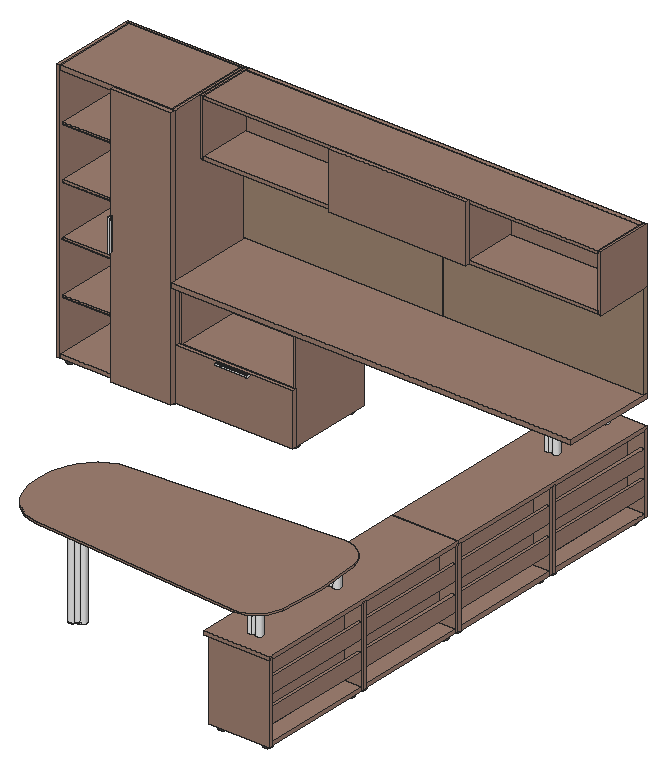
Revit family "T100087", category Furniture, Revit 2022 (continued)
Definition of nested family "APTOS LOW HEIGHT MODULAR PEDESTAL OPEN 18IN Depth"
  Forms (in)
    Extrusion 1, solid, material <- "Board Material"
      sketch origin (0, 0, 0) x (1, 0, 0) y (0, 1, 0)
        loop
          line (-18, 0) -> (-18, -15.5) -> (-17.25, -15.5) -> (-17.25, 0) -> (-18, 0)
      from 1.5 to 21.5
    Extrusion 2, solid, material <- "Board Material"
      sketch origin (0, 0, 0) x (-1, 0, 0) y (0, -1, 0)
        loop
          line (-18, 0) -> (-17.25, 0) -> (-17.25, 15.5) -> (-18, 15.5) -> (-18, 0)
      from 1.5 to 21.5
    Extrusion 3, solid, material <- "Board Material"
      sketch origin (0, 0, 0) x (1, 0, 0) y (0, 1, 0)
        loop
          line (-17.25, 0) -> (-17.25, -15.5) -> (17.25, -15.5) -> (17.25, 0) -> (-17.25, 0)
      from 1.5 to 2.5
    Revolve 4, solid, material <- "Leg Caps Material"
      sketch origin (0, -2, 0) x (-1, 0, 0) y (0, 0, 1)
        loop
          line (15, 0.28743) -> (15.5, 0.28743)
          arc (15.5, 0.28743) -> (15.35629, 0.14371) -> (15.5, 0) r 0.14371
          line (15.5, 0) -> (16, 0) -> (16, 1.5) -> (15, 1.5) -> (15, 0.28743)
        axis (16, 1.5) -> (16, 0)
      angle from 0 to 360
    Revolve 5, solid, material <- "Leg Caps Material"
      sketch origin (0, -2, 0) x (1, 0, 0) y (0, 0, -1)
        loop
          line (15, -0.28743) -> (15, -1.5) -> (16, -1.5) -> (16, 0) -> (15.5, 0)
          arc (15.5, 0) -> (15.35629, -0.14371) -> (15.5, -0.28743) r 0.14371
          line (15.5, -0.28743) -> (15, -0.28743)
        axis (16, -1.5) -> (16, 0)
      angle from 0 to 360
    Revolve 6, solid, material <- "Leg Caps Material"
      sketch origin (0, -13.5, 0) x (-1, 0, 0) y (0, 0, -1)
        loop
          line (15, -0.28743) -> (15, -1.5) -> (16, -1.5) -> (16, 0) -> (15.5, 0)
          arc (15.5, 0) -> (15.35629, -0.14371) -> (15.5, -0.28743) r 0.14371
          line (15.5, -0.28743) -> (15, -0.28743)
        axis (16, -1.5) -> (16, 0)
      angle from 0 to 360
    Revolve 7, solid, material <- "Leg Caps Material"
      sketch origin (0, -13.5, 0) x (1, 0, 0) y (0, 0, 1)
        loop
          line (15, 0.28743) -> (15.5, 0.28743)
          arc (15.5, 0.28743) -> (15.35629, 0.14371) -> (15.5, 0) r 0.14371
          line (15.5, 0) -> (16, 0) -> (16, 1.5) -> (15, 1.5) -> (15, 0.28743)
        axis (16, 1.5) -> (16, 0)
      angle from 0 to 360
    Extrusion 8, solid, material <- "Board Material"
      sketch origin (0, 27.875, 0) x (1, 0, 0) y (0, 1, 0)
        loop
          line (-17.25, -32.3125) -> (-17.25, -33.0625) -> (17.25, -33.0625) -> (17.25, -32.3125) -> (-17.25, -32.3125)
      from 2.5 to 20.7495
    Extrusion 9, solid, material <- "Board Material"
      sketch origin (0, 0, 0) x (0, 1, 0) y (0, 0, 1)
        loop
          line (-5.1875, 15.5) -> (-14.75, 15.5) -> (-14.75, 15.125) -> (-14.125, 14.625) -> (-5.1875, 14.625) -> (-5.1875, 15.5)
      from -17.25 to 17.25
    Extrusion 10, solid, material <- "Board Material"
      sketch origin (0, 0, 0) x (0, 1, 0) y (0, 0, 1)
        loop
          line (-9.07873, 21.5) -> (-13.13675, 21.5) -> (-13.13675, 20.7495) -> (-9.07873, 20.7495) -> (-9.07873, 21.5)
        loop
          line (-1.05541, 21.5) -> (-5.1875, 21.5) -> (-5.1875, 20.7495) -> (-1.05541, 20.7495) -> (-1.05541, 21.5)
        loop
          line (0, 17.312) -> (-0.75, 17.312) -> (-0.75, 13.437) -> (0, 13.437) -> (0, 17.312)
        loop
          line (0, 10.3745) -> (-0.75, 10.3745) -> (-0.75, 6.437) -> (0, 6.437) -> (0, 10.3745)
      from -17.25 to 17.25
  Dimensions and locks (in)
    equal spacing: plane 4 "Left End", plane 3 "Center Left/Right", plane 6 "Right End"
    "Width": plane 4 "Left End" to plane 6 "Right End"
    "Height": plane 8 "Height Top" to level
    "Board Thick Sides": plane 4 "Left End" to plane 9
    "Board Thick Sides": plane 10 to plane 6 "Right End"
    "Board Thick Shelfs": plane 12 to plane 11
    "Board Thick Top and Bot": plane 14 to plane 13
    "Bottom Board Offset": plane 13 to level
    "Board Thick Front": plane 15 to plane 5 "Front End"
    "Leg Offset": plane 18 to plane 5 "Front End"
    "Leg Offset": plane 19 to plane 5 "Front End"
    "Leg Offset": plane 16 to plane 7 "Back End"
    "Leg Offset": plane 17 to plane 7 "Back End"
    "Leg Offset": plane 4 "Left End" to plane 20
    "Leg Offset": plane 21 to plane 6 "Right End"
    "Leg Offset": plane 22 to plane 6 "Right End"
    "Leg Offset": plane 4 "Left End" to plane 23
    "Shelf Height": plane 12 to plane 14
    "Handle Lengh": plane 24 to plane 25
    "Board Thick Back": plane 26 to plane 1 "Center Front/Back"
    "Depth": plane 5 "Front End" to plane 1 "Center Front/Back"
    equal spacing: plane 24, plane 3 "Center Left/Right", plane 25
    "Board Thick Top": plane 8 "Height Top" to plane 27
    "Board Thick Back": plane 29 to plane 28
    aligned and locked: level to plane 2
    aligned and locked: plane 5 "Front End" to Extrusion 1 sketch curve
    aligned and locked: plane 4 "Left End" to Extrusion 1 sketch curve
    aligned and locked: Extrusion 1 sketch curve to plane 9
    aligned and locked: Extrusion 2 to plane 5 "Front End"
    aligned and locked: plane 10 to Extrusion 2
    aligned and locked: Extrusion 2 to plane 6 "Right End"
    aligned and locked: plane 13 to Extrusion 2
    aligned and locked: plane 10 to Extrusion 3 sketch curve
    aligned and locked: plane 9 to Extrusion 3 sketch curve
    aligned and locked: plane 17 to Revolve 4
    aligned and locked: Revolve 5 to plane 16
    aligned and locked: plane 19 to Revolve 7
    aligned and locked: Revolve 6 to plane 18
    aligned and locked: Extrusion 3 to plane 14
    aligned and locked: Extrusion 3 to plane 13
    aligned and locked: Extrusion 1 to plane 1 "Center Front/Back"
    aligned and locked: Extrusion 2 to plane 1 "Center Front/Back"
    aligned and locked: Extrusion 3 to plane 1 "Center Front/Back"
    aligned and locked: Extrusion 1 to plane 13
    aligned and locked: plane 8 "Height Top" to Extrusion 1
    aligned and locked: plane 8 "Height Top" to Extrusion 2
    aligned and locked: Extrusion 8 to plane 10
    aligned and locked: Extrusion 8 to plane 9
    aligned and locked: Extrusion 8 to Extrusion 3
    aligned and locked: Extrusion 9 to plane 9
    aligned and locked: Extrusion 9 to plane 10
    aligned and locked: Extrusion 8 to plane 28
    aligned and locked: plane 29 to Extrusion 8
    aligned and locked: Extrusion 8 to plane 27
    aligned and locked: plane 7 "Back End" to Extrusion 10 sketch curve  (x2)
    aligned and locked: plane 26 to Extrusion 10 sketch curve  (x2)
    aligned and locked: Extrusion 10 sketch curve to plane 8 "Height Top"  (x2)
    aligned and locked: Extrusion 10 sketch curve to plane 27  (x2)
    aligned and locked: plane 28 to Extrusion 10 sketch curve
    aligned and locked: Extrusion 10 to plane 9
    aligned and locked: Extrusion 10 to plane 10
    aligned and locked: Extrusion 9 sketch curve to plane 12
    aligned and locked: plane 11 to Extrusion 9 sketch curve
    aligned and locked: Extrusion 9 sketch curve to plane 28
    aligned and locked: Extrusion 9 sketch curve to plane 15
  Automatic sketch dimensions
    plane 1 "Center Front/Back" to Extrusion 1 sketch curve = 0"
    Extrusion 2 sketch curve to plane 5 "Front End" = 0"
    Extrusion 2 sketch curve to plane 6 "Right End" = 0"
    Extrusion 2 sketch curve to plane 10 = 0"
    plane 1 "Center Front/Back" to Extrusion 2 sketch curve = 0"
    Extrusion 3 sketch curve to plane 5 "Front End" = 0"
    plane 1 "Center Front/Back" to Extrusion 3 sketch curve = 0"
    Revolve 4 sketch curve to plane 13 = 0"
    Revolve 4 sketch curve to level = 0"
    plane 20 to Revolve 4 sketch curve = 0"  (x2)
    level to Revolve 4 sketch curve = 0.28743"
    Revolve 4 sketch curve to Revolve 4 sketch curve = 1/2"  (x3)
    Revolve 4 sketch curve to Revolve 4 sketch curve = 0"
    level to Revolve 4 sketch curve = 0.14371"
    Revolve 4 sketch curve to plane 14 = 1/4"
    Revolve 5 sketch curve to plane 13 = 0"
    Revolve 5 sketch curve to level = 0"
    Revolve 5 sketch curve to plane 21 = 0"  (x2)
    level to Revolve 5 sketch curve = 0.28743"
    Revolve 5 sketch curve to Revolve 5 sketch curve = 1/2"  (x2)
    Revolve 5 sketch curve to Revolve 5 sketch curve = 0"  (x2)
    Revolve 5 sketch curve to plane 14 = 1/4"
    Revolve 5 sketch curve to level = 1/2"
    Revolve 6 sketch curve to plane 13 = 0"
    Revolve 6 sketch curve to level = 0"
    plane 20 to Revolve 6 sketch curve = 0"  (x2)
    level to Revolve 6 sketch curve = 0.28743"
    Revolve 6 sketch curve to plane 20 = 1/2"
    Revolve 6 sketch curve to Revolve 6 sketch curve = 1/2"
    Revolve 6 sketch curve to Revolve 6 sketch curve = 0"  (x2)
    Revolve 6 sketch curve to plane 14 = 1/4"
    Revolve 6 sketch curve to level = 1/2"
    Revolve 7 sketch curve to plane 13 = 0"
    Revolve 7 sketch curve to level = 0"
    Revolve 7 sketch curve to plane 21 = 0"  (x2)
    level to Revolve 7 sketch curve = 0.28743"
    Revolve 7 sketch curve to plane 21 = 1/2"
    Revolve 7 sketch curve to Revolve 7 sketch curve = 1/2"  (x2)
    Revolve 7 sketch curve to Revolve 7 sketch curve = 0"
    level to Revolve 7 sketch curve = 0.14371"
    Revolve 7 sketch curve to plane 14 = 1/4"
    plane 4 "Left End" to Extrusion 8 sketch curve = 3/4"
    plane 6 "Right End" to Extrusion 8 sketch curve = 3/4"
    Extrusion 8 sketch curve to plane 26 = 4 7/16"
    plane 1 "Center Front/Back" to Extrusion 8 sketch curve = 4 7/16"
    Extrusion 10 sketch curve to plane 18 = 0.36325"
    plane 14 to Extrusion 10 sketch curve = 3.937"
    Extrusion 10 sketch curve to Extrusion 10 sketch curve = 4.05803"
    Extrusion 10 sketch curve to plane 26 = 0.30541"
    Extrusion 10 sketch curve to plane 11 = 4.2505"
    Extrusion 10 sketch curve to plane 11 = 1.188"
    plane 12 to Extrusion 10 sketch curve = 1.812"
    plane 18 to Extrusion 9 sketch curve = 5/8"
    Extrusion 9 sketch curve to plane 12 = 3/8"
Definition of nested family "APTOS MODULAR CABINET TOP"
  Parameters
    Width = 96"
    URL = "http://ofsbrands.com"
    Table Material = none
    Depth = 24"
    Model = "34-9624MCT"
    Manufacturer = "OFS"
    Height = 1 3/16"
    Description = "OFS BRANDS OFS APTOS APTOS MODULAR CABINET TOP 96\" x 24\", 1.1875\" thick with Square Profile on User Side"
    Default Elevation = 0"
    Copyright © = "© OFS BRANDS 2017"
    Catalog = "APTOS http://ofsbrands.com/products/casegoods/private-office/aptos"
    Bottom Board Offset = 28 5/16"
    Authoring Version = "Autodesk Revit Architecture 2013"
    Assembly Code = "E2020200"
  Reference planes (in)
    plane 1 "Back End": y = -12
    plane 2: z = 0
    plane 3 "Center Left/Right": x = 0
    plane 4 "Left End": x = -48
    plane 5 "Front End": y = -36
    plane 6 "Right End": x = 48
    plane 7 "Height Top": z = 29.5
    plane 8: z = 28.3125
    plane 9 "Center Front/Back": y = -24
  Forms (in)
    Extrusion 1, solid, material <- "Table Material"
      sketch origin (0, 0, 0) x (1, 0, 0) y (0, 1, 0)
        loop
          line (-48, -12) -> (-48, -36) -> (48, -36) -> (48, -12) -> (-48, -12)
      from 28.3125 to 29.5
  Dimensions and locks (in)
    "Height": plane 7 "Height Top" to plane 8
    "Bottom Board Offset": plane 8 to level
    "Depth": plane 5 "Front End" to plane 1 "Back End"
    equal spacing: plane 4 "Left End", plane 3 "Center Left/Right", plane 6 "Right End"
    "Width": plane 4 "Left End" to plane 6 "Right End"
    equal spacing: plane 5 "Front End", plane 9 "Center Front/Back", plane 1 "Back End"
    aligned and locked: level to plane 2
    aligned and locked: plane 1 "Back End" to Extrusion 1 sketch curve
    aligned and locked: Extrusion 1 sketch curve to plane 4 "Left End"
    aligned and locked: Extrusion 1 sketch curve to plane 5 "Front End"
    aligned and locked: plane 6 "Right End" to Extrusion 1 sketch curve
    aligned and locked: Extrusion 1 to plane 7 "Height Top"
    aligned and locked: Extrusion 1 to plane 8
Definition of nested family "APTOS WORKSURFACE HEIGHT MODULAR PEDESTAL OPEN-FILE 30-36IN"
  Parameters
    Width = 30"
    URL = "http://ofsbrands.com"
    Shelf Height = 13 3/16"
    Handle Lengh = 8 1/8"
    Drawer Gap = 1/8"
    Door Handle Material = none
    Default Elevation = 0"
    Board Thick Top = 3/4"
    Board Thick Door = 1 1/8"
    Depth = 22 5/8"
    Board Material = none
    Model = "34-W3024MPD9"
    Manufacturer = "OFS"
    Leg Caps Material = none
    Leg Offset = 2"
    Height = 28 5/16"
    Description = "APTOS WORKSURFACE HEIGHT MODULAR PEDESTAL OPEN-FILE 30\" Width, 24\" Depth, One Open Shelf with 11.9375\" Clearance, One Lateral File Drawer"
    Copyright © = "© OFS BRANDS 2017"
    Catalog = "APTOS http://ofsbrands.com/products/casegoods/private-office/aptos"
    Bottom Board Offset = 1 1/2"
    Board Thick Bot = 1"
    Board Thick Shelfs = 1"
    Board Thick Sides = 3/4"
    Board Thick Front = 3/4"
    Board Thick Back = 3/4"
    Authoring Version = "Autodesk Revit Architecture 2013"
    Assembly Code = "E2020200"
  Reference planes (in)
    plane 1 "Center Front/Back": y = 0
    plane 2: z = 0
    plane 3 "Center Left/Right": x = 0
    plane 4 "Left End": x = -15
    plane 5 "Front End": y = -21.5
    plane 6 "Right End": x = 15
    plane 7 "Back End": y = 0
    plane 8: x = -14.25
    plane 9: x = 14.25
    plane 10: z = 14.6875
    plane 11: z = 15.6875
    plane 12: z = 1.5
    plane 13: z = 2.5
    plane 14: y = -20.75
    plane 15: y = -2
    plane 16: y = -2
    plane 17: y = -19.5
    plane 18: y = -19.5
    plane 19: x = -13
    plane 20: x = 13
    plane 21: x = 13
    plane 22: x = -13
    plane 23: y = -22.625
    plane 24: z = 14.8125
    plane 25: x = -4.0625
    plane 26: x = 4.0625
    plane 27: y = -0.75
    plane 28: z = 28.3125
    plane 29: z = 27.5625
    plane 30: z = 13.6875
  Forms (in)
    Extrusion 1, solid, material <- "Board Material"
      sketch origin (0, 0, 0) x (1, 0, 0) y (0, 1, 0)
        loop
          line (-15, 0) -> (-15, -21.5) -> (-14.25, -21.5) -> (-14.25, 0) -> (-15, 0)
      from 1.5 to 28.3125
    Extrusion 2, solid, material <- "Board Material"
      sketch origin (0, 0, 0) x (-1, 0, 0) y (0, -1, 0)
        loop
          line (-15, 0) -> (-14.25, 0) -> (-14.25, 21.5) -> (-15, 21.5) -> (-15, 0)
      from 1.5 to 28.3125
    Extrusion 3, solid, material <- "Board Material"
      sketch origin (0, 0, 0) x (1, 0, 0) y (0, 1, 0)
        loop
          line (-14.25, 0) -> (-14.25, -21.5) -> (14.25, -21.5) -> (14.25, 0) -> (-14.25, 0)
      from 1.5 to 2.5
    Revolve 4, solid, material <- "Leg Caps Material"
      sketch origin (0, -2, 0) x (-1, 0, 0) y (0, 0, 1)
        loop
          line (12, 0.28743) -> (12.5, 0.28743)
          arc (12.5, 0.28743) -> (12.35629, 0.14371) -> (12.5, 0) r 0.14371
          line (12.5, 0) -> (13, 0) -> (13, 1.5) -> (12, 1.5) -> (12, 0.28743)
        axis (13, 1.5) -> (13, 0)
      angle from 0 to 360
    Revolve 5, solid, material <- "Leg Caps Material"
      sketch origin (0, -2, 0) x (1, 0, 0) y (0, 0, -1)
        loop
          line (12, -0.28743) -> (12, -1.5) -> (13, -1.5) -> (13, 0) -> (12.5, 0)
          arc (12.5, 0) -> (12.35629, -0.14371) -> (12.5, -0.28743) r 0.14371
          line (12.5, -0.28743) -> (12, -0.28743)
        axis (13, -1.5) -> (13, 0)
      angle from 0 to 360
    Revolve 6, solid, material <- "Leg Caps Material"
      sketch origin (0, -19.5, 0) x (-1, 0, 0) y (0, 0, -1)
        loop
          line (12, -0.28743) -> (12, -1.5) -> (13, -1.5) -> (13, 0) -> (12.5, 0)
          arc (12.5, 0) -> (12.35629, -0.14371) -> (12.5, -0.28743) r 0.14371
          line (12.5, -0.28743) -> (12, -0.28743)
        axis (13, -1.5) -> (13, 0)
      angle from 0 to 360
    Revolve 7, solid, material <- "Leg Caps Material"
      sketch origin (0, -19.5, 0) x (1, 0, 0) y (0, 0, 1)
        loop
          line (12, 0.28743) -> (12.5, 0.28743)
          arc (12.5, 0.28743) -> (12.35629, 0.14371) -> (12.5, 0) r 0.14371
          line (12.5, 0) -> (13, 0) -> (13, 1.5) -> (12, 1.5) -> (12, 0.28743)
        axis (13, 1.5) -> (13, 0)
      angle from 0 to 360
    Extrusion 8, solid, material <- "Board Material"
      sketch origin (0, 27.875, 0) x (1, 0, 0) y (0, 1, 0)
        loop
          line (-14.25, -27.875) -> (-14.25, -28.625) -> (14.25, -28.625) -> (14.25, -27.875) -> (-14.25, -27.875)
      from 20.312 to 24.312
    Extrusion 9, solid, material <- "Board Material"
      sketch origin (0, 0, 0) x (1, 0, 0) y (0, 1, 0)
        loop
          line (15, -21.5) -> (-15, -21.5) -> (-15, -22.625) -> (15, -22.625) -> (15, -21.5)
      from 1.5 to 14.6875
    Extrusion 10, solid, material <- "Door Handle Material"
      sketch origin (0, 7.01942, -2.70267) x (0, 1, 0) y (0, 0, 1)
        loop
          arc (-30.44863, 17.3872) -> (-30.63506, 17.20076) -> (-30.44863, 17.01433) r 0.18644
          arc (-30.44863, 17.01433) -> (-30.36853, 17.01913) -> (-30.28958, 17.03348) r 0.66994
          arc (-30.28958, 17.03348) -> (-30.06675, 17.06125) -> (-29.84329, 17.03915) r 1.01098
          arc (-29.84329, 17.03915) -> (-29.74439, 17.02301) -> (-29.64442, 17.01609) r 1.08212
          line (-29.64442, 17.01609) -> (-29.64442, 17.39017)
          arc (-29.64442, 17.39017) -> (-29.74475, 17.37561) -> (-29.84329, 17.35174) r 1.08374
          arc (-29.84329, 17.35174) -> (-30.06697, 17.32316) -> (-30.28958, 17.35914) r 0.78757
          arc (-30.28958, 17.35914) -> (-30.36779, 17.38063) -> (-30.44863, 17.3872) r 0.43385
      from -4.0625 to 4.0625
    Extrusion 11, solid, material <- "Board Material"
      sketch origin (0, 0.67064, 0) x (1, 0, 0) y (0, 1, 0)
        loop
          line (-14.25, -1.85814) -> (-14.25, -5.85814) -> (14.25, -5.85814) -> (14.25, -1.85814) -> (-14.25, -1.85814)
      from 28.3125 to 27.5625
    Extrusion 12, solid, material <- "Board Material"
      sketch origin (0, -19.875, 0) x (1, 0, 0) y (0, 1, 0)
        loop
          line (-14.25, 4.75) -> (-14.25, 0.7511) -> (14.25, 0.7511) -> (14.25, 4.75) -> (-14.25, 4.75)
      from 28.3125 to 27.5625
    Extrusion 13, solid, material <- "Board Material"
      sketch origin (0, 27.875, -13.875) x (1, 0, 0) y (0, 1, 0)
        loop
          line (-14.25, -27.875) -> (-14.25, -28.625) -> (14.25, -28.625) -> (14.25, -27.875) -> (-14.25, -27.875)
      from 20.312 to 24.312
    Extrusion 14, solid, material <- "Board Material"
      sketch origin (0, 0, 0) x (0, 1, 0) y (0, 0, 1)
        loop
          line (-4.44535, 27.5625) -> (-5.19535, 27.5625) -> (-5.19535, 14.6875) -> (-21.5, 14.6875) -> (-21.5, 13.6875) -> (-5.19535, 13.6875) -> (-5.19535, 2.5) -> (-4.44535, 2.5) -> (-4.44535, 27.5625)
      from -14.25 to 14.25
  Dimensions and locks (in)
    equal spacing: plane 4 "Left End", plane 3 "Center Left/Right", plane 6 "Right End"
    "Width": plane 4 "Left End" to plane 6 "Right End"
    "Height": plane 28 to level
    "Board Thick Sides": plane 4 "Left End" to plane 8
    "Board Thick Sides": plane 9 to plane 6 "Right End"
    "Board Thick Shelfs": plane 11 to plane 10
    "Board Thick Bot": plane 13 to plane 12
    "Bottom Board Offset": plane 12 to level
    "Board Thick Front": plane 14 to plane 5 "Front End"
    "Leg Offset": plane 17 to plane 5 "Front End"
    "Leg Offset": plane 18 to plane 5 "Front End"
    "Leg Offset": plane 15 to plane 7 "Back End"
    "Leg Offset": plane 16 to plane 7 "Back End"
    "Leg Offset": plane 4 "Left End" to plane 19
    "Leg Offset": plane 20 to plane 6 "Right End"
    "Leg Offset": plane 21 to plane 6 "Right End"
    "Leg Offset": plane 4 "Left End" to plane 22
    "Board Thick Door": plane 23 to plane 5 "Front End"
    "Shelf Height": plane 11 to plane 13
    "Drawer Gap": plane 24 to plane 10
    "Handle Lengh": plane 25 to plane 26
    "Board Thick Back": plane 27 to plane 1 "Center Front/Back"
    "Depth": plane 23 to plane 1 "Center Front/Back"
    equal spacing: plane 25, plane 3 "Center Left/Right", plane 26
    "Board Thick Top": plane 28 to plane 29
    "Board Thick Shelfs": plane 10 to plane 30
    aligned and locked: level to plane 2
    aligned and locked: plane 5 "Front End" to Extrusion 1 sketch curve
    aligned and locked: plane 4 "Left End" to Extrusion 1 sketch curve
    aligned and locked: Extrusion 1 sketch curve to plane 8
    aligned and locked: Extrusion 2 to plane 5 "Front End"
    aligned and locked: plane 9 to Extrusion 2
    aligned and locked: Extrusion 2 to plane 6 "Right End"
    aligned and locked: Extrusion 2 to plane 12
    aligned and locked: plane 9 to Extrusion 3 sketch curve
    aligned and locked: Extrusion 3 sketch curve to plane 8
    aligned and locked: plane 16 to Revolve 4
    aligned and locked: Revolve 5 to plane 15
    aligned and locked: plane 18 to Revolve 7
    aligned and locked: plane 17 to Revolve 6
    aligned and locked: plane 13 to Extrusion 3
    aligned and locked: Extrusion 3 to plane 12
    aligned and locked: Extrusion 9 to plane 12
    aligned and locked: Extrusion 9 to plane 6 "Right End"
    aligned and locked: Extrusion 9 to plane 10
    aligned and locked: Extrusion 10 to plane 26
    aligned and locked: Extrusion 10 to plane 25
    aligned and locked: Extrusion 8 to plane 27
    aligned and locked: Extrusion 8 to plane 1 "Center Front/Back"
    aligned and locked: Extrusion 1 to plane 12
    aligned and locked: Extrusion 9 to plane 4 "Left End"
    aligned and locked: plane 28 to Extrusion 2
    aligned and locked: plane 28 to Extrusion 1
    aligned and locked: Extrusion 1 to plane 7 "Back End"
    aligned and locked: Extrusion 2 to plane 7 "Back End"
    aligned and locked: Extrusion 3 to plane 7 "Back End"
    aligned and locked: Extrusion 8 to plane 8
    aligned and locked: Extrusion 8 to plane 9
    aligned and locked: Extrusion 14 to plane 8
    aligned and locked: Extrusion 14 to plane 9
  Automatic sketch dimensions
    plane 1 "Center Front/Back" to Extrusion 1 sketch curve = 0"
    Extrusion 2 sketch curve to plane 5 "Front End" = 0"
    Extrusion 2 sketch curve to plane 6 "Right End" = 0"
    Extrusion 2 sketch curve to plane 9 = 0"
    plane 1 "Center Front/Back" to Extrusion 2 sketch curve = 0"
    Extrusion 3 sketch curve to plane 5 "Front End" = 0"
    plane 1 "Center Front/Back" to Extrusion 3 sketch curve = 0"
    Revolve 4 sketch curve to plane 12 = 0"
    Revolve 4 sketch curve to level = 0"
    plane 19 to Revolve 4 sketch curve = 0"  (x2)
    level to Revolve 4 sketch curve = 0.28743"
    Revolve 4 sketch curve to plane 19 = 1/2"
    Revolve 4 sketch curve to Revolve 4 sketch curve = 1/2"  (x2)
    Revolve 4 sketch curve to Revolve 4 sketch curve = 0"
    level to Revolve 4 sketch curve = 0.14371"
    Revolve 4 sketch curve to plane 13 = 1/4"
    Revolve 5 sketch curve to plane 12 = 0"
    Revolve 5 sketch curve to level = 0"
    Revolve 5 sketch curve to plane 20 = 0"  (x2)
    level to Revolve 5 sketch curve = 0.28743"
    Revolve 5 sketch curve to Revolve 5 sketch curve = 1/2"  (x3)
    Revolve 5 sketch curve to Revolve 5 sketch curve = 0"  (x2)
    Revolve 5 sketch curve to plane 13 = 1/4"
    Revolve 6 sketch curve to plane 12 = 0"
    Revolve 6 sketch curve to level = 0"
    plane 19 to Revolve 6 sketch curve = 0"  (x2)
    level to Revolve 6 sketch curve = 0.28743"
    Revolve 6 sketch curve to plane 19 = 1/2"
    Revolve 6 sketch curve to Revolve 6 sketch curve = 1/2"  (x2)
    Revolve 6 sketch curve to Revolve 6 sketch curve = 0"  (x2)
    Revolve 6 sketch curve to plane 13 = 1/4"
    Revolve 7 sketch curve to plane 12 = 0"
    Revolve 7 sketch curve to level = 0"
    Revolve 7 sketch curve to plane 20 = 0"  (x2)
    level to Revolve 7 sketch curve = 0.28743"
    Revolve 7 sketch curve to Revolve 7 sketch curve = 1/2"  (x3)
    Revolve 7 sketch curve to Revolve 7 sketch curve = 0"
    level to Revolve 7 sketch curve = 0.14371"
    Revolve 7 sketch curve to plane 13 = 1/4"
    Extrusion 8 sketch curve to plane 8 = 0"
    Extrusion 8 sketch curve to plane 9 = 0"
    Extrusion 8 sketch curve to plane 27 = 0"
    plane 1 "Center Front/Back" to Extrusion 8 sketch curve = 0"
    Extrusion 9 sketch curve to plane 4 "Left End" = 0"
    Extrusion 9 sketch curve to plane 6 "Right End" = 0"
    plane 23 to Extrusion 9 sketch curve = 0"
    Extrusion 9 sketch curve to plane 5 "Front End" = 0"
    Extrusion 10 sketch curve to plane 10 = 0"
    Extrusion 10 sketch curve to plane 23 = 0"
    Extrusion 10 sketch curve to plane 10 = 0.37408"
    plane 23 to Extrusion 10 sketch curve = 0.80421"
    Extrusion 10 sketch curve to Extrusion 10 sketch curve = 0.00546"
    Extrusion 10 sketch curve to plane 10 = 0.03103"
    Extrusion 10 sketch curve to Extrusion 10 sketch curve = 0.15905"  (x2)
    plane 23 to Extrusion 10 sketch curve = 0.4095"  (x2)
    Extrusion 10 sketch curve to plane 11 = 0.27955"
    Extrusion 10 sketch curve to plane 10 = 0.03843"
    plane 23 to Extrusion 10 sketch curve = 0.19887"
    Extrusion 10 sketch curve to plane 23 = 0.02468"
    Extrusion 10 sketch curve to plane 23 = 0.10528"
    Extrusion 10 sketch curve to Extrusion 10 sketch curve = 0.2612"
    Extrusion 10 sketch curve to Extrusion 10 sketch curve = 0.40575"
    Extrusion 10 sketch curve to Extrusion 10 sketch curve = 0.06095"
    Extrusion 10 sketch curve to Extrusion 10 sketch curve = 0"
    Extrusion 10 sketch curve to Extrusion 10 sketch curve = 0.01915"
    Extrusion 11 sketch curve to plane 8 = 0"
    Extrusion 11 sketch curve to plane 9 = 0"
    Extrusion 11 sketch curve to plane 15 = 3 3/16"
    Extrusion 11 sketch curve to plane 27 = 7/16"
    Extrusion 12 sketch curve to plane 8 = 0"
    Extrusion 12 sketch curve to plane 9 = 0"
    Extrusion 12 sketch curve to plane 17 = 0.3761"
    Extrusion 12 sketch curve to Extrusion 12 sketch curve = 3.9989"
    Extrusion 13 sketch curve to plane 8 = 0"
    Extrusion 13 sketch curve to plane 9 = 0"
    Extrusion 13 sketch curve to plane 27 = 0"
    plane 1 "Center Front/Back" to Extrusion 13 sketch curve = 0"
    Extrusion 14 sketch curve to plane 5 "Front End" = 0"
    plane 30 to Extrusion 14 sketch curve = 0"
    Extrusion 14 sketch curve to plane 13 = 0"
    Extrusion 14 sketch curve to plane 29 = 0"
    Extrusion 14 sketch curve to Extrusion 14 sketch curve = 3/4"
    Extrusion 14 sketch curve to plane 10 = 0"
    Extrusion 14 sketch curve to plane 15 = 3.19535"  (x2)
Definition of nested family "APTOS TALL OPEN STORAGE WITH HINGED DOOR 24IN DEPTH"
  Parameters
    Width = 36"
    URL = "http://ofsbrands.com"
    Handle Lengh = 8 1/4"
    Half Door Right = yes
    Half Door Left = no
    Half Door = yes
    Door Handle Material = none
    Default Elevation = 0"
    Board Thick Door = 1 1/8"
    Depth = 23 7/8"
    Board Material = none
    Model = "34-3668RSC1"
    Manufacturer = "OFS"
    Leg Caps Material = none
    Leg Offset = 2"
    Board Thick Internal = 3/4"
    Height = 68 1/4"
    Description = "OFS BRANDS OFS APTOS TALL OPEN STORAGE WITH HINGED DOOR 36\" Wide 24\" Planning Depth Single Hinged Door Right with Optional Pull, Coat Hook or Hang Rod,Three Adjustable 1\" Thick Shelves with Beveled Edge and One Fixed Shelf per Section"
    Copyright © = "© OFS BRANDS 2017"
    Catalog = "APTOS http://ofsbrands.com/products/casegoods/private-office/aptos"
    Bottom Board Offset = 1 1/2"
    Board Thick Top and Bot = 1"
    Board Thick Shelfs = 1"
    Board Thick Sides = 3/4"
    Board Thick Front = 3/4"
    Board Thick Back = 3/4"
    Authoring Version = "Autodesk Revit Architecture 2013"
    Assembly Code = "E2020200"
  Reference planes (in)
    plane 1 "Center Front/Back": y = 0
    plane 2: z = 0
    plane 3 "Center Left/Right": x = 0
    plane 4 "Left End": x = -18
    plane 5 "Front End": y = -22.75
    plane 6 "Right End": x = 18
    plane 7 "Back End": y = 0
    plane 8 "Height Top": z = 68.25
    plane 9: x = -17.25
    plane 10: x = 17.25
    plane 11: z = 14.65
    plane 12: z = 15.65
    plane 13: z = 67.25
    plane 14: z = 1.5
    plane 15: z = 2.5
    plane 16: y = -22
    plane 17: y = -2
    plane 18: y = -2
    plane 19: y = -20.75
    plane 20: y = -20.75
    plane 21: x = -16
    plane 22: x = 16
    plane 23: x = 16
    plane 24: x = -16
    plane 25: x = -0.375
    plane 26: x = 0.375
    plane 27: y = -23.875
    plane 28: y = -0.75
    plane 29: z = 27.8
    plane 30: z = 28.8
    plane 31: z = 40.95
    plane 32: z = 41.95
    plane 33: z = 54.1
    plane 34: z = 55.1
  Forms (in)
    Extrusion 1, solid, material <- "Board Material"
      sketch origin (0, 0, 0) x (1, 0, 0) y (0, 1, 0)
        loop
          line (-18, -0.75) -> (-18, -22.75) -> (-17.25, -22.75) -> (-17.25, -0.75) -> (-18, -0.75)
      from 1.5 to 68.25
    Extrusion 2, solid, material <- "Board Material"
      sketch origin (0, 0, 0) x (-1, 0, 0) y (0, -1, 0)
        loop
          line (-18, 0.75) -> (-17.25, 0.75) -> (-17.25, 22.75) -> (-18, 22.75) -> (-18, 0.75)
      from 1.5 to 68.25
    Extrusion 3, solid, material <- "Board Material"
      sketch origin (0, 0, 0) x (1, 0, 0) y (0, 1, 0)
        loop
          line (-17.25, -0.75) -> (-17.25, -22.75) -> (17.25, -22.75) -> (17.25, -0.75) -> (-17.25, -0.75)
      from 1.5 to 2.5
    Extrusion 4, solid, material <- "Board Material"
      sketch origin (0, 0, 0) x (1, 0, 0) y (0, 1, 0)
        loop
          line (-17.25, -0.75) -> (-17.25, -22.75) -> (17.25, -22.75) -> (17.25, -0.75) -> (-17.25, -0.75)
      from 67.25 to 68.25
    Revolve 5, solid, material <- "Leg Caps Material"
      sketch origin (0, -2, 0) x (-1, 0, 0) y (0, 0, 1)
        loop
          line (15, 0.28743) -> (15.5, 0.28743)
          arc (15.5, 0.28743) -> (15.35629, 0.14371) -> (15.5, 0) r 0.14371
          line (15.5, 0) -> (16, 0) -> (16, 1.5) -> (15, 1.5) -> (15, 0.28743)
        axis (16, 1.5) -> (16, 0)
      angle from 0 to 360
    Revolve 6, solid, material <- "Leg Caps Material"
      sketch origin (0, -2, 0) x (1, 0, 0) y (0, 0, -1)
        loop
          line (15, -0.28743) -> (15, -1.5) -> (16, -1.5) -> (16, 0) -> (15.5, 0)
          arc (15.5, 0) -> (15.35629, -0.14371) -> (15.5, -0.28743) r 0.14371
          line (15.5, -0.28743) -> (15, -0.28743)
        axis (16, -1.5) -> (16, 0)
      angle from 0 to 360
    Revolve 7, solid, material <- "Leg Caps Material"
      sketch origin (0, -20.75, 0) x (-1, 0, 0) y (0, 0, -1)
        loop
          line (15, -0.28743) -> (15, -1.5) -> (16, -1.5) -> (16, 0) -> (15.5, 0)
          arc (15.5, 0) -> (15.35629, -0.14371) -> (15.5, -0.28743) r 0.14371
          line (15.5, -0.28743) -> (15, -0.28743)
        axis (16, -1.5) -> (16, 0)
      angle from 0 to 360
    Revolve 8, solid, material <- "Leg Caps Material"
      sketch origin (0, -20.75, 0) x (1, 0, 0) y (0, 0, 1)
        loop
          line (15, 0.28743) -> (15.5, 0.28743)
          arc (15.5, 0.28743) -> (15.35629, 0.14371) -> (15.5, 0) r 0.14371
          line (15.5, 0) -> (16, 0) -> (16, 1.5) -> (15, 1.5) -> (15, 0.28743)
        axis (16, 1.5) -> (16, 0)
      angle from 0 to 360
    Extrusion 9, solid, material <- "Board Material"
      sketch origin (0, 0, 0) x (1, 0, 0) y (0, 1, 0)
        loop
          line (-0.375, -0.75) -> (-0.375, -22.75) -> (0.375, -22.75) -> (0.375, -0.75) -> (-0.375, -0.75)
      from 2.5 to 67.25
    Extrusion 10, solid, material <- "Board Material", visible <- "Half Door Left"
      sketch origin (0, 0, 0) x (1, 0, 0) y (0, 1, 0)
        loop
          line (0.375, -22.75) -> (-18, -22.75) -> (-18, -23.875) -> (0.375, -23.875) -> (0.375, -22.75)
      from 1.5 to 68.25
    Extrusion 11, solid, material <- "Board Material"
      sketch origin (0, 27.875, 0) x (1, 0, 0) y (0, 1, 0)
        loop
          line (-18, -27.875) -> (-18, -28.625) -> (18, -28.625) -> (18, -27.875) -> (-18, -27.875)
      from 1.5 to 68.25
    Extrusion 12, solid, material <- "Board Material", visible <- "Half Door Right"
      sketch origin (0, 0, -0.0375) x (0, 1, 0) y (0, 0, 1)
        loop
          line (-0.75, 15.6875) -> (-22, 15.6875) -> (-22, 15.1875) -> (-21.5, 14.6875) -> (-0.75, 14.6875) -> (-0.75, 15.6875)
      from -17.25 to -0.375
    Extrusion 13, solid, material <- "Board Material", visible <- "Half Door Right"
      sketch origin (0, 0, 0) x (1, 0, 0) y (0, 1, 0)
        loop
          line (18, -22.75) -> (-0.375, -22.75) -> (-0.375, -23.875) -> (18, -23.875) -> (18, -22.75)
      from 1.5 to 68.25
    Extrusion 14, solid, material <- "Board Material", visible <- "Half Door Left"
      sketch origin (0, 0, -0.0375) x (0, 1, 0) y (0, 0, 1)
        loop
          line (-0.75, 15.6875) -> (-22, 15.6875) -> (-22, 15.1875) -> (-21.5, 14.6875) -> (-0.75, 14.6875) -> (-0.75, 15.6875)
      from 0.375 to 17.25
    Extrusion 15, solid, material <- "Board Material", visible <- "Half Door Right"
      sketch origin (0, 0, 13.1125) x (0, 1, 0) y (0, 0, 1)
        loop
          line (-0.75, 15.6875) -> (-22, 15.6875) -> (-22, 15.1875) -> (-21.5, 14.6875) -> (-0.75, 14.6875) -> (-0.75, 15.6875)
      from -17.25 to -0.375
    Extrusion 16, solid, material <- "Board Material", visible <- "Half Door Left"
      sketch origin (0, 0, 13.1125) x (0, 1, 0) y (0, 0, 1)
        loop
          line (-0.75, 15.6875) -> (-22, 15.6875) -> (-22, 15.1875) -> (-21.5, 14.6875) -> (-0.75, 14.6875) -> (-0.75, 15.6875)
      from 0.375 to 17.25
    Extrusion 17, solid, material <- "Board Material", visible <- "Half Door Right"
      sketch origin (0, 0, 26.2625) x (0, 1, 0) y (0, 0, 1)
        loop
          line (-0.75, 15.6875) -> (-22, 15.6875) -> (-22, 15.1875) -> (-21.5, 14.6875) -> (-0.75, 14.6875) -> (-0.75, 15.6875)
      from -17.25 to -0.375
    Extrusion 18, solid, material <- "Board Material", visible <- "Half Door Left"
      sketch origin (0, 0, 26.2625) x (0, 1, 0) y (0, 0, 1)
        loop
          line (-0.75, 15.6875) -> (-22, 15.6875) -> (-22, 15.1875) -> (-21.5, 14.6875) -> (-0.75, 14.6875) -> (-0.75, 15.6875)
      from 0.375 to 17.25
    Extrusion 19, solid, material <- "Board Material", visible <- "Half Door Right"
      sketch origin (0, 0, 39.4125) x (0, 1, 0) y (0, 0, 1)
        loop
          line (-0.75, 15.6875) -> (-22, 15.6875) -> (-22, 15.1875) -> (-21.5, 14.6875) -> (-0.75, 14.6875) -> (-0.75, 15.6875)
      from -17.25 to -0.375
    Extrusion 20, solid, material <- "Board Material", visible <- "Half Door Left"
      sketch origin (0, 0, 39.4125) x (0, 1, 0) y (0, 0, 1)
        loop
          line (-0.75, 15.6875) -> (-22, 15.6875) -> (-22, 15.1875) -> (-21.5, 14.6875) -> (-0.75, 14.6875) -> (-0.75, 15.6875)
      from 0.375 to 17.25
    Extrusion 21, solid, material <- "Door Handle Material", visible <- "Half Door Left"
      sketch origin (-1.27047, -3, 0) x (1, 0, 0) y (0, 1, 0)
        loop
          arc (1.27755, -21.67707) -> (1.46398, -21.8635) -> (1.65042, -21.67707) r 0.18644
          arc (1.65042, -21.67707) -> (1.63824, -21.56084) -> (1.60223, -21.44966) r 0.56062
          arc (1.60223, -21.44966) -> (1.56017, -21.1973) -> (1.64547, -20.95609) r 0.512
          line (1.64547, -20.95609) -> (1.64547, -20.875) -> (1.28249, -20.875) -> (1.28249, -20.95609)
          arc (1.28249, -20.95609) -> (1.36779, -21.1973) -> (1.32574, -21.44966) r 0.512
          arc (1.32574, -21.44966) -> (1.28973, -21.56084) -> (1.27755, -21.67707) r 0.56062
      from 31.17725 to 39.4335
    Extrusion 22, solid, material <- "Door Handle Material", visible <- "Half Door Right"
      sketch origin (1.27047, -3, 0) x (-1, 0, 0) y (0, -1, 0)
        loop
          arc (1.27755, 21.67707) -> (1.28973, 21.56084) -> (1.32574, 21.44966) r 0.56062
          arc (1.32574, 21.44966) -> (1.36779, 21.1973) -> (1.28249, 20.95609) r 0.512
          line (1.28249, 20.95609) -> (1.28249, 20.875) -> (1.64547, 20.875) -> (1.64547, 20.95609)
          arc (1.64547, 20.95609) -> (1.56017, 21.1973) -> (1.60223, 21.44966) r 0.512
          arc (1.60223, 21.44966) -> (1.63824, 21.56084) -> (1.65042, 21.67707) r 0.56062
          arc (1.65042, 21.67707) -> (1.46398, 21.8635) -> (1.27755, 21.67707) r 0.18644
      from 31.17725 to 39.4335
  Dimensions and locks (in)
    equal spacing: plane 4 "Left End", plane 3 "Center Left/Right", plane 6 "Right End"
    "Width": plane 4 "Left End" to plane 6 "Right End"
    "Height": plane 8 "Height Top" to level
    "Board Thick Sides": plane 4 "Left End" to plane 9
    "Board Thick Sides": plane 10 to plane 6 "Right End"
    "Board Thick Top and Bot": plane 8 "Height Top" to plane 13
    "Board Thick Shelfs": plane 12 to plane 11
    "Board Thick Top and Bot": plane 15 to plane 14
    "Bottom Board Offset": plane 14 to level
    "Board Thick Front": plane 16 to plane 5 "Front End"
    "Leg Offset": plane 19 to plane 5 "Front End"
    "Leg Offset": plane 20 to plane 5 "Front End"
    "Leg Offset": plane 17 to plane 7 "Back End"
    "Leg Offset": plane 18 to plane 7 "Back End"
    "Leg Offset": plane 4 "Left End" to plane 21
    "Leg Offset": plane 22 to plane 6 "Right End"
    "Leg Offset": plane 23 to plane 6 "Right End"
    "Leg Offset": plane 4 "Left End" to plane 24
    "Board Thick Internal": plane 25 to plane 26
    "Board Thick Door": plane 27 to plane 5 "Front End"
    "Board Thick Back": plane 28 to plane 1 "Center Front/Back"
    "Depth": plane 27 to plane 1 "Center Front/Back"
    equal spacing: plane 25, plane 3 "Center Left/Right", plane 26
    "Board Thick Shelfs": plane 30 to plane 29
    "Board Thick Shelfs": plane 32 to plane 31
    "Board Thick Shelfs": plane 34 to plane 33
    equal spacing: plane 8 "Height Top", plane 34, plane 32, plane 30, plane 12, plane 15
    aligned and locked: level to plane 2
    aligned and locked: plane 5 "Front End" to Extrusion 1 sketch curve
    aligned and locked: plane 4 "Left End" to Extrusion 1 sketch curve
    aligned and locked: Extrusion 1 sketch curve to plane 9
    aligned and locked: Extrusion 2 to plane 5 "Front End"
    aligned and locked: plane 10 to Extrusion 2
    aligned and locked: Extrusion 2 to plane 6 "Right End"
    aligned and locked: plane 14 to Extrusion 2
    aligned and locked: plane 10 to Extrusion 3 sketch curve
    aligned and locked: Extrusion 3 sketch curve to plane 9
    aligned and locked: plane 18 to Revolve 5
    aligned and locked: Revolve 6 to plane 17
    aligned and locked: plane 20 to Revolve 8
    aligned and locked: Revolve 7 to plane 19
    aligned and locked: Extrusion 9 sketch curve to plane 25
    aligned and locked: plane 26 to Extrusion 9 sketch curve
    aligned and locked: Extrusion 9 to plane 5 "Front End"
    aligned and locked: Extrusion 10 sketch curve to plane 27
    aligned and locked: plane 5 "Front End" to Extrusion 10 sketch curve
    aligned and locked: Extrusion 10 sketch curve to plane 4 "Left End"
    aligned and locked: Extrusion 10 to plane 26
    aligned and locked: Extrusion 11 to plane 4 "Left End"
    aligned and locked: Extrusion 11 to plane 6 "Right End"
    aligned and locked: Extrusion 11 to plane 14
    aligned and locked: plane 12 to Extrusion 12
    aligned and locked: Extrusion 12 to plane 11
    aligned and locked: plane 16 to Extrusion 12
    aligned and locked: Extrusion 3 to plane 15
    aligned and locked: Extrusion 10 to plane 14
    aligned and locked: Extrusion 3 to plane 14
    aligned and locked: Extrusion 9 to plane 15
    aligned and locked: plane 13 to Extrusion 9
    aligned and locked: plane 8 "Height Top" to Extrusion 4
    aligned and locked: Extrusion 4 to plane 13
    aligned and locked: Extrusion 12 to plane 9
    aligned and locked: Extrusion 12 to plane 25
    aligned and locked: Extrusion 13 to plane 25
    aligned and locked: Extrusion 13 to plane 6 "Right End"
    aligned and locked: Extrusion 13 to plane 14
    aligned and locked: Extrusion 14 to plane 10
    aligned and locked: Extrusion 14 sketch curve to plane 12
    aligned and locked: plane 11 to Extrusion 14 sketch curve
    aligned and locked: Extrusion 14 sketch curve to plane 16
    aligned and locked: plane 26 to Extrusion 14
    aligned and locked: Extrusion 11 to plane 28
    aligned and locked: Extrusion 11 to plane 1 "Center Front/Back"
    aligned and locked: Extrusion 14 to plane 28
    aligned and locked: plane 28 to Extrusion 12
    aligned and locked: plane 28 to Extrusion 9
    aligned and locked: Extrusion 1 to plane 14
    aligned and locked: plane 30 to Extrusion 15
    aligned and locked: Extrusion 15 to plane 29
    aligned and locked: Extrusion 16 sketch curve to plane 30
    aligned and locked: plane 29 to Extrusion 16 sketch curve
    aligned and locked: plane 32 to Extrusion 17
    aligned and locked: Extrusion 17 to plane 31
    aligned and locked: Extrusion 18 sketch curve to plane 32
    aligned and locked: plane 31 to Extrusion 18 sketch curve
    aligned and locked: plane 34 to Extrusion 19
    aligned and locked: Extrusion 19 to plane 33
    aligned and locked: Extrusion 20 sketch curve to plane 34
    aligned and locked: plane 33 to Extrusion 20 sketch curve
    aligned and locked: plane 26 to Extrusion 16
    aligned and locked: plane 26 to Extrusion 18
    aligned and locked: plane 26 to Extrusion 20
    aligned and locked: plane 25 to Extrusion 19
    aligned and locked: plane 25 to Extrusion 17
    aligned and locked: plane 25 to Extrusion 15
    aligned and locked: Extrusion 16 to plane 10
    aligned and locked: Extrusion 18 to plane 10
    aligned and locked: Extrusion 20 to plane 10
    aligned and locked: Extrusion 19 to plane 9
    aligned and locked: Extrusion 17 to plane 9
    aligned and locked: Extrusion 15 to plane 9
    aligned and locked: plane 28 to Extrusion 1
    aligned and locked: Extrusion 2 to plane 28
    aligned and locked: plane 8 "Height Top" to Extrusion 11
    aligned and locked: Extrusion 4 to plane 9
    aligned and locked: Extrusion 4 to plane 10
    aligned and locked: Extrusion 4 to plane 28
    aligned and locked: Extrusion 4 to plane 5 "Front End"
    aligned and locked: plane 8 "Height Top" to Extrusion 13
    aligned and locked: plane 8 "Height Top" to Extrusion 10
    aligned and locked: plane 8 "Height Top" to Extrusion 2
    aligned and locked: plane 8 "Height Top" to Extrusion 1
    aligned and locked: Extrusion 3 to plane 28
  Automatic sketch dimensions
    Extrusion 1 sketch curve to plane 28 = 0"
    Extrusion 2 sketch curve to plane 5 "Front End" = 0"
    Extrusion 2 sketch curve to plane 6 "Right End" = 0"
    Extrusion 2 sketch curve to plane 10 = 0"
    plane 28 to Extrusion 2 sketch curve = 0"
    Extrusion 3 sketch curve to plane 5 "Front End" = 0"
    Extrusion 3 sketch curve to plane 28 = 0"
    Extrusion 4 sketch curve to plane 5 "Front End" = 0"
    Extrusion 4 sketch curve to plane 9 = 0"
    Extrusion 4 sketch curve to plane 10 = 0"
    Extrusion 4 sketch curve to plane 28 = 0"
    Revolve 5 sketch curve to plane 14 = 0"
    Revolve 5 sketch curve to level = 0"
    plane 21 to Revolve 5 sketch curve = 0"  (x2)
    level to Revolve 5 sketch curve = 0.28743"
    Revolve 5 sketch curve to Revolve 5 sketch curve = 1/2"  (x3)
    Revolve 5 sketch curve to Revolve 5 sketch curve = 0"
    level to Revolve 5 sketch curve = 0.14371"
    Revolve 5 sketch curve to plane 15 = 1/4"
    Revolve 6 sketch curve to plane 14 = 0"
    Revolve 6 sketch curve to level = 0"
    Revolve 6 sketch curve to plane 22 = 0"  (x2)
    level to Revolve 6 sketch curve = 0.28743"
    Revolve 6 sketch curve to plane 22 = 1/2"
    Revolve 6 sketch curve to Revolve 6 sketch curve = 1/2"
    Revolve 6 sketch curve to Revolve 6 sketch curve = 0"  (x2)
    Revolve 6 sketch curve to plane 15 = 1/4"
    Revolve 6 sketch curve to level = 1/2"
    Revolve 7 sketch curve to plane 14 = 0"
    Revolve 7 sketch curve to level = 0"
    plane 21 to Revolve 7 sketch curve = 0"  (x2)
    level to Revolve 7 sketch curve = 0.28743"
    Revolve 7 sketch curve to plane 21 = 1/2"
    Revolve 7 sketch curve to Revolve 7 sketch curve = 1/2"
    Revolve 7 sketch curve to Revolve 7 sketch curve = 0"  (x2)
    Revolve 7 sketch curve to plane 15 = 1/4"
    Revolve 7 sketch curve to level = 1/2"
    Revolve 8 sketch curve to plane 14 = 0"
    Revolve 8 sketch curve to level = 0"
    Revolve 8 sketch curve to plane 22 = 0"  (x2)
    level to Revolve 8 sketch curve = 0.28743"
    Revolve 8 sketch curve to plane 22 = 1/2"
    Revolve 8 sketch curve to Revolve 8 sketch curve = 1/2"  (x2)
    Revolve 8 sketch curve to Revolve 8 sketch curve = 0"
    level to Revolve 8 sketch curve = 0.14371"
    Revolve 8 sketch curve to plane 15 = 1/4"
    Extrusion 9 sketch curve to plane 5 "Front End" = 0"
    Extrusion 9 sketch curve to plane 28 = 0"
    Extrusion 10 sketch curve to plane 26 = 0"
    Extrusion 11 sketch curve to plane 4 "Left End" = 0"
    Extrusion 11 sketch curve to plane 6 "Right End" = 0"
    Extrusion 11 sketch curve to plane 28 = 0"
    plane 1 "Center Front/Back" to Extrusion 11 sketch curve = 0"
    Extrusion 12 sketch curve to plane 12 = 0"
    Extrusion 12 sketch curve to plane 16 = 0"
    Extrusion 12 sketch curve to plane 11 = 0"
    Extrusion 12 sketch curve to plane 28 = 0"
    plane 11 to Extrusion 12 sketch curve = 1/2"
    Extrusion 12 sketch curve to plane 16 = 1/2"
    Extrusion 13 sketch curve to plane 5 "Front End" = 0"
    Extrusion 13 sketch curve to plane 25 = 0"
    Extrusion 13 sketch curve to plane 6 "Right End" = 0"
    plane 27 to Extrusion 13 sketch curve = 0"
    Extrusion 14 sketch curve to plane 28 = 0"
    plane 11 to Extrusion 14 sketch curve = 1/2"
    Extrusion 14 sketch curve to plane 16 = 1/2"
    Extrusion 15 sketch curve to plane 16 = 0"
    Extrusion 15 sketch curve to plane 29 = 0"
    Extrusion 15 sketch curve to plane 28 = 0"
    Extrusion 15 sketch curve to plane 30 = 0"
    Extrusion 15 sketch curve to plane 16 = 1/2"
    plane 29 to Extrusion 15 sketch curve = 1/2"
    Extrusion 16 sketch curve to plane 16 = 0"
    Extrusion 16 sketch curve to plane 28 = 0"
    plane 29 to Extrusion 16 sketch curve = 1/2"
    Extrusion 16 sketch curve to plane 16 = 1/2"
    Extrusion 17 sketch curve to plane 16 = 0"
    Extrusion 17 sketch curve to plane 31 = 0"
    Extrusion 17 sketch curve to plane 28 = 0"
    Extrusion 17 sketch curve to plane 32 = 0"
    Extrusion 17 sketch curve to plane 16 = 1/2"
    plane 31 to Extrusion 17 sketch curve = 1/2"
    Extrusion 18 sketch curve to plane 16 = 0"
    Extrusion 18 sketch curve to plane 28 = 0"
    plane 31 to Extrusion 18 sketch curve = 1/2"
    Extrusion 18 sketch curve to plane 16 = 1/2"
    Extrusion 19 sketch curve to plane 16 = 0"
    Extrusion 19 sketch curve to plane 33 = 0"
    Extrusion 19 sketch curve to plane 28 = 0"
    Extrusion 19 sketch curve to plane 34 = 0"
    Extrusion 19 sketch curve to plane 16 = 1/2"
    plane 33 to Extrusion 19 sketch curve = 1/2"
    Extrusion 20 sketch curve to plane 16 = 0"
    Extrusion 20 sketch curve to plane 28 = 0"
    plane 33 to Extrusion 20 sketch curve = 1/2"
    Extrusion 20 sketch curve to plane 16 = 1/2"
    plane 27 to Extrusion 21 sketch curve = 0"
    Extrusion 21 sketch curve to plane 26 = 0"
    plane 3 "Center Left/Right" to Extrusion 21 sketch curve = 0.01203"
    plane 27 to Extrusion 21 sketch curve = 0.08109"
    Extrusion 21 sketch curve to plane 25 = 0.03772"
    Extrusion 21 sketch curve to plane 3 "Center Left/Right" = 0.18068"
    plane 3 "Center Left/Right" to Extrusion 21 sketch curve = 0.00708"
    Extrusion 21 sketch curve to Extrusion 21 sketch curve = 0"  (x4)
    plane 3 "Center Left/Right" to Extrusion 21 sketch curve = 0.05527"
    plane 26 to Extrusion 21 sketch curve = 0.18149"
    plane 26 to Extrusion 21 sketch curve = 0.04324"
    Extrusion 21 sketch curve to Extrusion 21 sketch curve = 0.18775"
    plane 27 to Extrusion 21 sketch curve = 0.36698"
    plane 27 to Extrusion 22 sketch curve = 0"
    Extrusion 22 sketch curve to plane 25 = 0"
    plane 27 to Extrusion 22 sketch curve = 0.08109"
    Extrusion 22 sketch curve to plane 3 "Center Left/Right" = 0.01203"
    Extrusion 22 sketch curve to plane 26 = 0.03772"
    plane 3 "Center Left/Right" to Extrusion 22 sketch curve = 0.18068"
    Extrusion 22 sketch curve to plane 3 "Center Left/Right" = 0.00708"
    Extrusion 22 sketch curve to Extrusion 22 sketch curve = 0"  (x4)
    Extrusion 22 sketch curve to plane 3 "Center Left/Right" = 0.05527"
    plane 25 to Extrusion 22 sketch curve = 0.18149"
    plane 25 to Extrusion 22 sketch curve = 0.04324"
    Extrusion 22 sketch curve to Extrusion 22 sketch curve = 0.18775"
    plane 27 to Extrusion 22 sketch curve = 0.36698"
Definition of nested family "APTOS DUFOIL STANDOFFS"
  Parameters
    Width = 4"
    URL = "http://ofsbrands.com"
    Door Handle Material = none
    Depth = 5"
    Default Elevation = 0"
    Board Material = none
    Model = "34-DFC"
    Manufacturer = "OFS"
    Leg Caps Material = none
    Plate Thichness = 5/16"
    Description = "OFS BRANDS OFS APTOS DUFOIL LEGS"
    Copyright © = "© OFS BRANDS 2017"
    Catalog = "APTOS http://ofsbrands.com/products/casegoods/private-office/aptos"
    Height = 6 1/8"
    Authoring Version = "Autodesk Revit Architecture 2013"
    Assembly Code = "E2020200"
  Reference planes (in)
    plane 1 "Center Front/Back": y = 0
    plane 2: z = 0
    plane 3 "Center Left/Right": x = 0
    plane 4 "Left End": x = -2
    plane 5 "Front End": y = -5
    plane 6 "Right End": x = 2
    plane 7 "Height Top": z = 6.125
    plane 8: z = 5.8125
  Forms (in)
    Extrusion 1, solid, material <- "Door Handle Material"
      sketch origin (0, 0, 0) x (1, 0, 0) y (0, 1, 0)
        loop
          line (-2, -0.70013) -> (-2, -4.5)
          arc (-2, -4.5) -> (-1.85355, -4.85355) -> (-1.5, -5) r 0.5
          line (-1.5, -5) -> (1.5, -5)
          arc (1.5, -5) -> (1.85355, -4.85355) -> (2, -4.5) r 0.5
          line (2, -4.5) -> (2, -0.70013)
          arc (2, -0.70013) -> (1.88793, -0.38467) -> (1.60195, -0.21063) r 0.5
          arc (1.60195, -0.21063) -> (0, -0.04558) -> (-1.60195, -0.21063) r 7.8566
          arc (-1.60195, -0.21063) -> (-1.88793, -0.38467) -> (-2, -0.70013) r 0.5
      from 5.8125 to 6.125
    Extrusion 2, solid, material <- "Door Handle Material"
      sketch origin (0, -0.85125, 0) x (1, 0, 0) y (0, 1, 0)
        loop
          arc (0.61668, -1.3082) -> (0, 0.03333) -> (-0.61668, -1.3082) r 0.8125
          arc (-0.61668, -1.3082) -> (-0.43592, -1.79652) -> (-0.61668, -2.28485) r 0.75
          arc (-0.61668, -2.28485) -> (0, -3.62637) -> (0.61668, -2.28485) r 0.8125
          arc (0.61668, -2.28485) -> (0.43592, -1.79652) -> (0.61668, -1.3082) r 0.75
      from 0 to 5.8125
  Dimensions and locks (in)
    "Plate Thichness": plane 7 "Height Top" to plane 8
    "Height": plane 7 "Height Top" to level
    "Depth": plane 5 "Front End" to plane 1 "Center Front/Back"
    equal spacing: plane 4 "Left End", plane 3 "Center Left/Right", plane 6 "Right End"
    "Width": plane 4 "Left End" to plane 6 "Right End"
    aligned and locked: level to plane 2
    aligned and locked: Extrusion 1 to plane 8
    aligned and locked: plane 7 "Height Top" to Extrusion 1
    aligned and locked: Extrusion 2 to level
  Automatic sketch dimensions
    Extrusion 1 sketch curve to plane 4 "Left End" = 0"
    Extrusion 1 sketch curve to plane 5 "Front End" = 0"
    Extrusion 1 sketch curve to plane 6 "Right End" = 0"
    plane 5 "Front End" to Extrusion 1 sketch curve = 1/2"
    Extrusion 1 sketch curve to plane 3 "Center Left/Right" = 0"
    plane 4 "Left End" to Extrusion 1 sketch curve = 1/2"
    plane 4 "Left End" to Extrusion 1 sketch curve = 0.39805"
    Extrusion 1 sketch curve to Extrusion 1 sketch curve = 0"  (x2)
    Extrusion 1 sketch curve to Extrusion 1 sketch curve = 0.10195"
    plane 6 "Right End" to Extrusion 1 sketch curve = 0.39805"
    Extrusion 1 sketch curve to Extrusion 1 sketch curve = 3.79987"
    Extrusion 2 sketch curve to plane 3 "Center Left/Right" = 0"  (x2)
    Extrusion 2 sketch curve to plane 3 "Center Left/Right" = 0.61668"
    Extrusion 2 sketch curve to Extrusion 2 sketch curve = 0"  (x4)
    Extrusion 2 sketch curve to Extrusion 2 sketch curve = 0.56924"
    plane 1 "Center Front/Back" to Extrusion 2 sketch curve = 3.66512"
    Extrusion 2 sketch curve to Extrusion 2 sketch curve = 0.52902"  (x2)
    Extrusion 2 sketch curve to Extrusion 2 sketch curve = 0.48833"
